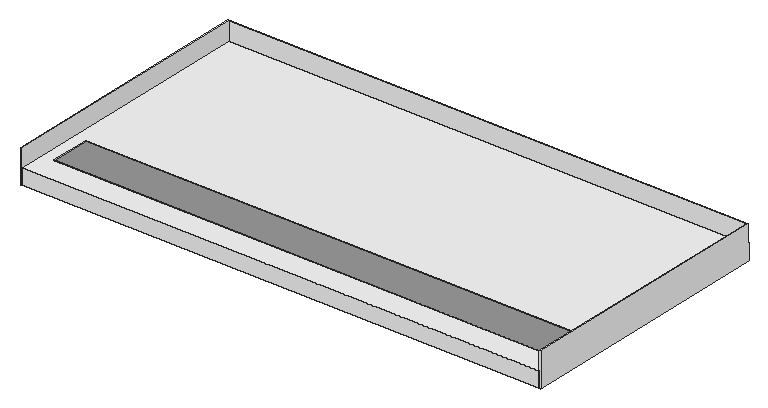
Revit family "1Plumbing-Fixture_Mincey-Marble-Manufacturing_TD-RI-Roll-In-Trench-Drain-Shower-Pan", category Plumbing Fixtures, host Face, Revit 2022
Family settings
  Host = Face
  Round Connector Dimension = Use Diameter
  Part Type = Normal
  OmniClass Number = 23.45.05.14.11.21
  Cut with Voids When Loaded = No
  Maintain Annotation Orientation = No
  Shared = No
  Room Calculation Point = No
Parameters (values of type "TD-RI-36-ADJ-62 - Adjustable Roll-In Trench Drain Shower Pan")
  Version = 1
  URL = "https://minceymarble.com/"
  Product data url = ""
  Product Page URL = "https://minceymarble.com/product/shower-pans-tdri-36adj62-osf-sf"
  Product Material Note [instance] = "Available Product Material: Almond, Bone, Cream, Ivory, White, Light Gray, Putty."  # constant formula
  Product Material [instance] = Mincey Marble Manufacturing - Cast Marble - White
  Product Documentation Link = "https://minceymarble.com/products-specifications-shower-pans-tdri-36adj62-osf-sf"
  Model = "TD-RI-36-ADJ-62-OSF-SF"
  Manufacturer = "Mincey Marble Manufacturing"  # constant formula
  Length = 62"
  Keynote = "22 40 00.B5"
  Height = 4"  # constant formula
  Flow = 0 GPM
  Drain Horizontal Offset [instance] = Depth Limits - 5.25"  # 25.75"
  Drain Diameter = 2"
  Drain Cover Material Note [instance] = "Available Drain Cover Material: Solid, Decorative Metal"  # constant formula
  Drain Cover Material [instance] = Mincey Marble Manufacturing - PVC - Solid
  Description = "31-36 Adjustable Roll-In Trench Drain Shower Pan"
  Depth Note [instance] = "Available Depth range: 31-36\""  # constant formula
  Depth Limits [instance] = if(Depth < 31", 31", if(Depth > 36", 36", Depth))  # 31"
  Depth [instance] = 31"
  Default Elevation = 48"
  Date Updated = ""
  Date Created = "2025/08/19"  # constant formula
  Assembly Code = "D2010.60"
Reference planes (in)
  plane 1 "Center (Front/Back)": y = 0
  plane 2: z = 0
  plane 3 "Center (Left/Right)": x = 0
  plane 4: x = -31
  plane 5: x = 31
  plane 6: y = 15.5
  plane 7: y = -15.5
  plane 8: z = -1.875
  plane 9: z = 2.125
  plane 10 "Drain 1": y = -10.25
  plane 11 "Drain 2": x = 0
Forms (in)
  Extrusion 1, solid, material "Mincey Marble Manufacturing - Cast Marble - White" <- "Product Material", detail levels medium+fine
    sketch origin (0, 0, 0) x (1, 0, 0) y (0, 1, 0)
      loop
        line (-30.875, 15.375) -> (-30.875, -15.5) -> (30.875, -15.5) -> (30.875, 15.375) -> (-30.875, 15.375)
    from 0 to -1.875
  Extrusion 2, solid, material "Mincey Marble Manufacturing - Cast Marble - White" <- "Product Material", detail levels medium+fine
    sketch origin (0, 0, 0) x (1, 0, 0) y (0, 1, 0)
      loop
        line (-31, 15.5) -> (-31, -15.5) -> (-30.875, -15.5) -> (-30.875, 15.375) -> (30.875, 15.375) -> (30.875, -15.5) -> (31, -15.5) -> (31, 15.5) -> (-31, 15.5)
    from -1.875 to 2.125
  Revolve 3, void, detail levels medium+fine
    sketch origin (0, 8, 48) x (0, 1, 0) y (0, 0, 1)
      loop
        line (-18.25, -49.875) -> (-16.625, -49.875) -> (-16.625, -49.375) -> (-16.125, -49.255) -> (-16.125, -48.875) -> (-18.25, -48.875) -> (-18.25, -49.875)
      axis (-18.25, -48.875) -> (-18.25, -49.875)
    angle from 0 to 360
  Extrusion 4, void
    sketch origin (0, 0, 0) x (1, 0, 0) y (0, 1, 0)
      loop
        line (-31, 15.5) -> (-31, -15.5) -> (31, -15.5) -> (31, 15.5) -> (-31, 15.5)
    from -1.875 to 0
  Extrusion 5, solid, material "Mincey Marble Manufacturing - Cast Marble - White" <- "Product Material", detail levels coarse
    sketch origin (0, 0, 0) x (1, 0, 0) y (0, 1, 0)
      loop
        line (-31, -15.5) -> (31, -15.5) -> (31, 15.5) -> (-31, 15.5) -> (-31, -15.5)
    from -1.875 to 0
  Extrusion 6, solid, not visible
    sketch origin (0, 0, 0) x (1, 0, 0) y (0, 1, 0)
      loop
        circle (0, -10.25) r 0.5
    from -1.875 to -1.375
  Extrusion 7, solid, material "Mincey Marble Manufacturing - PVC - Solid" <- "Drain Cover Material", detail levels medium+fine
    sketch origin (0, 0, 0) x (1, 0, 0) y (0, 1, 0)
      loop
        line (-29.375, -7.75) -> (-29.375, -12.5) -> (29.375, -12.5) -> (29.375, -7.75) -> (-29.375, -7.75)
    from -0.13786 to 0
  Extrusion 8, void
    sketch origin (0, 0, 0) x (1, 0, 0) y (0, 1, 0)
      loop
        line (-29.375, -7.75) -> (-29.375, -12.5) -> (29.375, -12.5) -> (29.375, -7.75) -> (-29.375, -7.75)
    from -0.875 to 0
Cuts and joins
  Revolve 3, Extrusion 8 cuts Extrusion 1
Lines and regions (in)
  Masking region 1
    outline origin (0, 0, 0) x (1, 0, 0) y (0, 1, 0)
      loop
        line (-31, -15.5) -> (31, -15.5) -> (31, 15.5) -> (-31, 15.5) -> (-31, -15.5)
  symbolic lines, detail levels medium+fine
    curve 1: line (-30.875, -15.5, 0) -> (-30.875, 15.375, 0)
    curve 2: line (-30.875, 15.375, 0) -> (30.875, 15.375, 0)
    curve 3: line (30.875, 15.375, 0) -> (30.875, -15.5, 0)
    curve 4: line (29.375, -7.75, 0) -> (-29.375, -7.75, 0)
    curve 5: line (-29.375, -7.75, 0) -> (-29.375, -12.5, 0)
    curve 6: line (-29.375, -12.5, 0) -> (29.375, -12.5, 0)
    curve 7: line (29.375, -12.5, 0) -> (29.375, -7.75, 0)
Dimensions and locks (in)
  equal spacing: plane 4, plane 3 "Center (Left/Right)", plane 5
  "Length": plane 4 to plane 5
  equal spacing: plane 6, plane 1 "Center (Front/Back)", plane 7
  "Depth Limits": plane 6 to plane 7
  plane 9 to level to plane 8 = 2.125" locked, 1.875" locked
  Revolve 3 sketch curve to Revolve 3 sketch curve to plane 10 "Drain 1" = 0.5" locked, 1.625" locked
  locked: plane 11 "Drain 2" to Extrusion 6 sketch curve
  locked: plane 10 "Drain 1" to Extrusion 6 sketch curve
  "Drain Horizontal Offset": plane 6 to plane 10 "Drain 1"
  locked: plane 11 "Drain 2" to plane 5 at 31
  locked: Extrusion 2 sketch curve to plane 5 at 0.125
  locked: plane 6 to Extrusion 2 sketch curve at 0.125
  locked: plane 4 to Extrusion 2 sketch curve at 0.125
  locked: Extrusion 1 sketch curve to plane 5 at 0.125
  locked: plane 6 to Extrusion 1 sketch curve at 0.125
  locked: plane 4 to Extrusion 1 sketch curve at 0.125
  Extrusion 7 sketch curve to Extrusion 7 sketch curve to plane 7 = 4.75" locked, 3" locked
  locked: plane 4 to Extrusion 7 sketch curve at 1.625
  locked: Extrusion 7 sketch curve to plane 5 at 1.625
  locked: plane 4 to Extrusion 8 sketch curve at 1.625
  locked: Extrusion 8 sketch curve to plane 5 at 1.625
  Extrusion 8 sketch curve to Extrusion 8 sketch curve to plane 7 = 4.75" locked, 3" locked
  aligned and locked: plane 2 to host face
  aligned and locked: level to host face
  aligned and locked: plane 4 to Extrusion 2 sketch curve
  aligned and locked: Extrusion 2 sketch curve to plane 6
  aligned and locked: Extrusion 2 sketch curve to plane 5
  aligned and locked: plane 7 to Extrusion 2 sketch curve  (x2)
  aligned and locked: Extrusion 1 sketch curve to plane 7
  aligned and locked: Extrusion 1 to plane 8
  aligned and locked: level to Extrusion 1
  aligned and locked: Extrusion 2 to plane 8
  aligned and locked: plane 9 to Extrusion 2
  aligned and locked: Masking region 1 sketch curve to plane 4
  aligned and locked: Masking region 1 sketch curve to plane 6
  aligned and locked: Masking region 1 sketch curve to plane 7
  aligned and locked: Masking region 1 sketch curve to plane 5
  aligned and locked: Extrusion 5 sketch curve to plane 4
  aligned and locked: Extrusion 5 sketch curve to plane 6
  aligned and locked: Extrusion 5 sketch curve to plane 7
  aligned and locked: Extrusion 5 sketch curve to plane 5
  aligned and locked: Extrusion 5 to plane 8
  aligned and locked: level to Extrusion 5
  aligned and locked: plane 10 "Drain 1" to Revolve 3 sketch curve  (x2)
  aligned and locked: Extrusion 6 to plane 8
  aligned and locked: level to Extrusion 7
  aligned and locked: level to Extrusion 8
  aligned and locked: Extrusion 4 to plane 8
  aligned and locked: Extrusion 6 to cut or joined group of Extrusion 1, Revolve 3, Extrusion 8
Automatic sketch dimensions
  host sketch curve to host sketch curve = 131.51917"
  host sketch curve to host sketch curve = 96"
  Extrusion 4 sketch curve to plane 4 = 0"
  Extrusion 4 sketch curve to plane 5 = 0"
  Extrusion 4 sketch curve to plane 7 = 0"
  Extrusion 4 sketch curve to plane 6 = 0"
  curve 1 to plane 7 = 0"
  curve 3 to plane 7 = 0"
  curve 2 to plane 4 = 0.125"
  curve 3 to plane 5 = 0.125"
  curve 3 to plane 6 = 0.125"
  Revolve 3 sketch curve to level = 0.875"
  Revolve 3 sketch curve to level = 1.255"
  Revolve 3 sketch curve to level = 1.375"
  plane 8 to Revolve 3 sketch curve = 0"
  Revolve 3 sketch curve to plane 8 = 22.5"
  plane 9 to Revolve 3 sketch curve = 89.77586"
  curve 5 to plane 4 = 1.625"
  plane 10 "Drain 1" to curve 4 = 2.5"
  curve 5 to plane 10 "Drain 1" = 2.25"
  curve 6 to plane 5 = 1.625"
  radius of Extrusion 6 sketch curve = 0.5"
Connectors (in)
  piping at (0, -10.25, -1.875), diameter 2, driven by "Drain Diameter", driven by "Flow"
    settings: on Extrusion 6, index 1, connector inside diameter 24", connector length 0", flow factor 0, pipe flow 0 GPM, pressure drop 0.00 psi, fitting loss kfactor 0, connector angle 0.00°, fixture units 0, engagement length 0", angle of deflection 0.00°, flow configuration 0, flow direction 2, fitting loss method 0, system type 16, joint type 0, gender type 0, connector reference index -1, connector utility 0, adjustable connector no, is connector primary yes, connector description "Drain"
